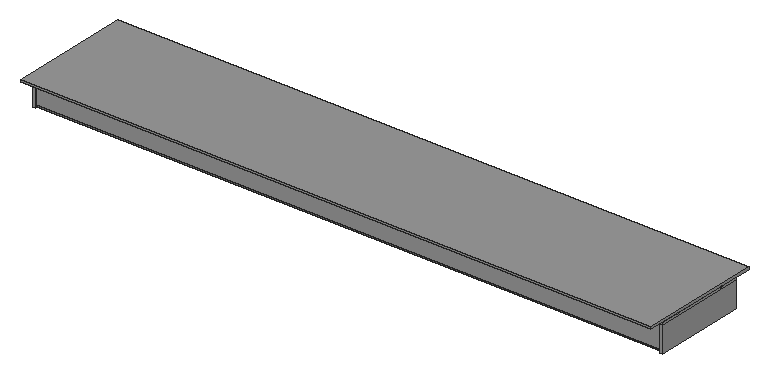
Revit family "Berica 2.2 M", category Lighting Fixtures, Revit 2020 (continued)
Definition of nested family "Light Source Berica 2.2"
  Types (4, lengths in mm): name | Photometric Web File | built-in parameter 1150142
       0.96 1.06 1.19 1.39 3.47 7.38 \r\n10.73 13.88 17.05 20.01 22.83 25.73 34.31 49.29 61.92 \r\n72.51 87.61 108.86 127.38 148.02 172.27 198.50 226.74 \r\n260.89 298.28 327.17 349.71 378.66 408.26 448.06 495.60 \r\n539.15 581.68 615.55 651.49 687.83 725.33 765.00 806.26 \r\n849.23 892.90 933.96 981.05 1024.16 1068.47 1113.29 \r\n1155.72 1200.02 1242.16 1284.20 1323.87 1360.80 1399.64 \r\n1433.64 1468.63 1500.66 1532.42 1560.14 1590.27 1615.50 \r\n1641.53 1664.67 1686.52 1706.02 1723.71 1737.48 1751.03 \r\n1761.75 1773.58 1782.96 1790.84 1796.12 \r\n1796.12 1791.11 1784.43 1776.39 1767.45 1757.47 1745.42 \r\n1733.25 1717.93 1703.57 1684.01 1664.91 1642.56 1620.92 \r\n1594.47 1568.82 1541.65 1513.27 1483.99 1452.56 1421.37 \r\n1385.68 1353.40 1316.64 1280.58 1237.99 1199.77 1158.50 \r\n1117.18 1075.66 1034.00 992.71 949.70 910.08 865.77 \r\n827.11 784.59 748.42 708.65 675.62 640.29 606.71 574.44 \r\n540.45 504.73 463.08 421.18 384.43 355.89 330.44 307.89 \r\n280.12 247.03 214.62 187.63 160.90 137.13 117.09 95.43 \r\n74.77 63.42 50.89 36.81 26.52 22.79 19.88 16.84 13.74 \r\n10.54 7.03 3.75 2.76 2.42 2.17 1.92 1.70 1.47 1.25 1.05 \r\n0.86 0.69 0.52 0.38 0.27 0.20 0.17 0.16 0.16 0.16 0.16 \r\n0.16 0.16 0.16 0.16 0.16 0.17 0.20 0.27 0.38 0.52 0.69 \r\n0.86 1.05 1.25 1.47 1.70 1.92 2.17 2.42 2.76 3.75 7.03 \r\n10.54 13.74 16.84 19.88 22.79 26.52 36.81 50.89 63.42 \r\n74.77 95.43 117.09 137.13 160.90 187.63 214.62 247.03 \r\n280.12 307.89 330.44 355.89 384.43 421.18 463.08 504.73 \r\n540.45 574.44 606.71 640.29 675.62 708.65 748.42 784.59 \r\n827.11 865.77 910.08 949.70 992.71 1034.00 1075.66 \r\n1117.18 1158.50 1199.77 1237.99 1280.58 1316.64 1353.40 \r\n1385.68 1421.37 1452.56 1483.99 1513.27 1541.65 1568.82 \r\n1594.47 1620.92 1642.56 1664.91 1684.01 1703.57 1717.93 \r\n1733.25 1745.42 1757.47 1767.45 1776.39 1784.43 1791.11 \r\n1796.12 \r\n1796.12 1792.12 1786.26 1780.08 1773.01 1764.19 1754.28 \r\n1743.55 1731.25 1718.25 1703.33 1687.66 1668.95 1651.52 \r\n1628.70 1606.32 1583.35 1558.66 1530.74 1506.11 1477.67 \r\n1449.41 1418.69 1386.36 1356.94 1318.71 1287.15 1247.90 \r\n1211.13 1170.68 1135.08 1096.70 1057.17 1015.75 975.25 \r\n935.81 894.37 855.07 818.94 778.75 743.65 706.55 670.67 \r\n638.03 603.45 570.93 540.30 509.61 481.18 447.14 412.01 \r\n376.43 341.46 315.34 291.41 268.75 243.25 212.94 184.04 \r\n157.03 130.85 110.32 89.80 70.47 58.67 47.01 34.43 27.14 \r\n23.60 20.41 16.84 13.43 9.93 7.02 6.05 5.26 4.61 3.92 \r\n3.30 2.68 2.18 1.64 1.20 0.82 0.56 0.34 0.24 0.20 0.20 \r\n0.20 0.20 0.20 0.20 0.20 0.24 0.34 0.56 0.82 1.20 1.64 \r\n2.18 2.68 3.30 3.92 4.61 5.26 6.05 7.02 9.93 13.43 16.84 \r\n20.41 23.60 27.14 34.43 47.01 58.67 70.47 89.80 110.32 \r\n130.85 157.03 184.04 212.94 243.25 268.75 291.41 315.34 \r\n341.46 376.43 412.01 447.14 481.18 509.61 540.30 570.93 \r\n603.45 638.03 670.67 706.55 743.65 778.75 818.94 855.07 \r\n894.37 935.81 975.25 1015.75 1057.17 1096.70 1135.08 \r\n1170.68 1211.13 1247.90 1287.15 1318.71 1356.94 1386.36 \r\n1418.69 1449.41 1477.67 1506.11 1530.74 1558.66 1583.35 \r\n1606.32 1628.70 1651.52 1668.95 1687.66 1703.33 1718.25 \r\n1731.25 1743.55 1754.28 1764.19 1773.01 1780.08 1786.26 \r\n1792.12 1796.12 \r\n1796.12 1792.60 1787.85 1782.90 1777.04 1769.85 1761.80 \r\n1752.84 1742.47 1731.26 1719.81 1706.91 1692.53 1677.48 \r\n1657.68 1640.57 1620.98 1602.15 1578.21 1554.83 1529.79 \r\n1504.73 1479.61 1453.22 1424.40 1395.65 1364.54 1332.04 \r\n1301.11 1266.74 1233.21 1198.18 1162.46 1125.54 1086.02 \r\n1050.30 1013.03 972.37 934.49 895.49 857.36 819.81 780.92 \r\n742.00 706.25 671.28 636.42 603.80 571.14 541.82 509.91 \r\n482.34 453.65 426.38 398.93 369.98 339.94 308.16 277.33 \r\n254.66 233.69 211.07 185.80 160.99 136.88 113.79 94.62 \r\n75.64 62.08 50.99 39.80 32.83 28.31 24.48 20.49 16.80 \r\n13.79 11.80 10.01 8.50 6.83 5.46 4.03 2.91 1.85 1.06 0.54 \r\n0.34 0.25 0.24 0.24 0.24 0.25 0.34 0.54 1.06 1.85 2.91 \r\n4.03 5.46 6.83 8.50 10.01 11.80 13.79 16.80 20.49 24.48 \r\n28.31 32.83 39.80 50.99 62.08 75.64 94.62 113.79 136.88 \r\n160.99 185.80 211.07 233.69 254.66 277.33 308.16 339.94 \r\n369.98 398.93 426.38 453.65 482.34 509.91 541.82 571.14 \r\n603.80 636.42 671.28 706.25 742.00 780.92 819.81 857.36 \r\n895.49 934.49 972.37 1013.03 1050.30 1086.02 1125.54 \r\n1162.46 1198.18 1233.21 1266.74 1301.11 1332.04 1364.54 \r\n1395.65 1424.40 1453.22 1479.61 1504.73 1529.79 1554.83 \r\n1578.21 1602.15 1620.98 1640.57 1657.68 1677.48 1692.53 \r\n1706.91 1719.81 1731.26 1742.47 1752.84 1761.80 1769.85 \r\n1777.04 1782.90 1787.85 1792.60 1796.12 \r\n1796.12 1793.99 1790.95 1786.70 1781.24 1776.98 1770.43 \r\n1762.79 1754.15 1744.02 1734.19 1722.99 1712.14 1700.83 \r\n1685.16 1671.61 1656.07 1638.55 1620.00 1600.56 1579.52 \r\n1559.53 1536.71 1512.72 1489.77 1462.59 1438.81 1409.46 \r\n1381.50 1351.04 1323.28 1290.42 1260.93 1225.64 1194.21 \r\n1158.91 1122.78 1088.75 1050.80 1012.58 976.01 937.35 \r\n897.19 858.77 818.71 781.59 741.37 707.39 673.77 636.62 \r\n603.53 569.46 538.60 506.25 475.75 445.75 419.62 393.45 \r\n365.69 341.90 317.95 294.55 269.00 245.72 220.51 197.73 \r\n179.07 160.94 141.58 121.72 101.70 84.99 69.10 57.10 \r\n48.08 40.31 34.88 30.05 25.38 21.53 17.99 14.72 11.86 \r\n8.95 6.28 3.82 1.95 0.81 0.40 0.29 0.29 0.29 0.40 0.81 \r\n1.95 3.82 6.28 8.95 11.86 14.72 17.99 21.53 25.38 30.05 \r\n34.88 40.31 48.08 57.10 69.10 84.99 101.70 121.72 141.58 \r\n160.94 179.07 197.73 220.51 245.72 269.00 294.55 317.95 \r\n341.90 365.69 393.45 419.62 445.75 475.75 506.25 538.60 \r\n569.46 603.53 636.62 673.77 707.39 741.37 781.59 818.71 \r\n858.77 897.19 937.35 976.01 1012.58 1050.80 1088.75 \r\n1122.78 1158.91 1194.21 1225.64 1260.93 1290.42 1323.28 \r\n1351.04 1381.50 1409.46 1438.81 1462.59 1489.77 1512.72 \r\n1536.71 1559.53 1579.52 1600.56 1620.00 1638.55 1656.07 \r\n1671.61 1685.16 1700.83 1712.14 1722.99 1734.19 1744.02 \r\n1754.15 1762.79 1770.43 1776.98 1781.24 1786.70 1790.95 \r\n1793.99 1796.12 \r\n1796.12 1794.36 1792.21 1789.10 1784.98 1780.82 1775.30 \r\n1770.38 1763.77 1756.30 1747.99 1738.08 1728.27 1718.19 \r\n1706.00 1693.58 1680.07 1666.34 1650.67 1635.15 1618.13 \r\n1599.47 1582.60 1562.56 1542.48 1520.95 1497.82 1474.72 \r\n1450.99 1425.79 1399.67 1372.14 1343.30 1315.76 1283.63 \r\n1253.17 1218.68 1186.98 1150.37 1116.18 1082.57 1041.94 \r\n1006.29 966.44 928.16 890.03 848.22 811.72 772.53 733.46 \r\n696.66 658.19 623.55 587.81 551.59 521.17 489.94 458.05 \r\n427.92 399.66 372.86 347.24 321.07 299.58 275.82 254.64 \r\n234.48 214.87 196.93 178.85 161.71 145.00 130.46 114.74 \r\n102.21 88.64 76.82 64.97 56.06 48.01 41.15 35.07 28.96 \r\n23.16 17.94 12.79 8.06 4.24 1.96 0.80 0.54 0.80 1.96 4.24 \r\n8.06 12.79 17.94 23.16 28.96 35.07 41.15 48.01 56.06 \r\n64.97 76.82 88.64 102.21 114.74 130.46 145.00 161.71 \r\n178.85 196.93 214.87 234.48 254.64 275.82 299.58 321.07 \r\n347.24 372.86 399.66 427.92 458.05 489.94 521.17 551.59 \r\n587.81 623.55 658.19 696.66 733.46 772.53 811.72 848.22 \r\n890.03 928.16 966.44 1006.29 1041.94 1082.57 1116.18 \r\n1150.37 1186.98 1218.68 1253.17 1283.63 1315.76 1343.30 \r\n1372.14 1399.67 1425.79 1450.99 1474.72 1497.82 1520.95 \r\n1542.48 1562.56 1582.60 1599.47 1618.13 1635.15 1650.67 \r\n1666.34 1680.07 1693.58 1706.00 1718.19 1728.27 1738.08 \r\n1747.99 1756.30 1763.77 1770.38 1775.30 1780.82 1784.98 \r\n1789.10 1792.21 1794.36 1796.12 \r\n1796.12 1794.86 1793.29 1790.52 1788.60 1785.60 1780.89 \r\n1776.72 1771.55 1765.90 1759.08 1751.24 1743.20 1734.33 \r\n1724.22 1713.45 1701.59 1689.16 1675.93 1660.99 1645.91 \r\n1629.54 1612.96 1595.57 1578.95 1559.52 1538.56 1518.62 \r\n1497.76 1474.40 1451.86 1428.82 1403.36 1377.53 1350.27 \r\n1321.13 1293.54 1262.09 1230.40 1195.31 1163.50 1128.77 \r\n1091.71 1054.83 1015.43 976.60 938.38 897.52 858.68 \r\n818.03 778.90 739.82 699.61 662.08 623.28 587.16 549.45 \r\n515.88 484.19 451.48 422.12 393.41 364.32 339.38 312.68 \r\n289.42 265.98 246.11 226.22 206.42 188.78 171.23 156.66 \r\n141.12 128.98 116.28 104.07 93.13 82.34 72.98 62.98 54.43 \r\n45.99 37.71 30.09 22.57 16.43 9.93 5.54 2.29 1.69 2.29 \r\n5.54 9.93 16.43 22.57 30.09 37.71 45.99 54.43 62.98 72.98 \r\n82.34 93.13 104.07 116.28 128.98 141.12 156.66 171.23 \r\n188.78 206.42 226.22 246.11 265.98 289.42 312.68 339.38 \r\n364.32 393.41 422.12 451.48 484.19 515.88 549.45 587.16 \r\n623.28 662.08 699.61 739.82 778.90 818.03 858.68 897.52 \r\n938.38 976.60 1015.43 1054.83 1091.71 1128.77 1163.50 \r\n1195.31 1230.40 1262.09 1293.54 1321.13 1350.27 1377.53 \r\n1403.36 1428.82 1451.86 1474.40 1497.76 1518.62 1538.56 \r\n1559.52 1578.95 1595.57 1612.96 1629.54 1645.91 1660.99 \r\n1675.93 1689.16 1701.59 1713.45 1724.22 1734.33 1743.20 \r\n1751.24 1759.08 1765.90 1771.55 1776.72 1780.89 1785.60 \r\n1788.60 1790.52 1793.29 1794.86 1796.12 \r\n1796.12 1796.33 1795.80 1794.31 1792.30 1789.58 1786.82 \r\n1783.96 1778.95 1773.09 1767.33 1761.68 1753.82 1746.64 \r\n1736.51 1727.02 1716.51 1704.58 1691.36 1678.24 1664.64 \r\n1649.82 1634.03 1617.30 1601.08 1582.78 1564.94 1544.82 \r\n1524.63 1502.56 1481.29 1457.39 1433.44 1410.79 1384.47 \r\n1357.48 1326.61 1297.17 1267.16 1236.66 1201.68 1167.61 \r\n1132.39 1093.14 1057.15 1017.59 979.44 940.32 899.69 \r\n860.46 818.90 779.36 740.21 698.11 663.50 624.59 587.13 \r\n550.81 517.19 486.02 454.03 423.05 395.85 368.86 340.85 \r\n316.50 292.55 271.53 249.87 230.01 210.17 193.40 177.50 \r\n161.31 146.84 133.87 120.78 108.97 96.70 85.91 75.46 \r\n65.48 55.78 46.56 37.64 29.00 20.85 14.13 8.47 4.56 3.25 \r\n4.56 8.47 14.13 20.85 29.00 37.64 46.56 55.78 65.48 75.46 \r\n85.91 96.70 108.97 120.78 133.87 146.84 161.31 177.50 \r\n193.40 210.17 230.01 249.87 271.53 292.55 316.50 340.85 \r\n368.86 395.85 423.05 454.03 486.02 517.19 550.81 587.13 \r\n624.59 663.50 698.11 740.21 779.36 818.90 860.46 899.69 \r\n940.32 979.44 1017.59 1057.15 1093.14 1132.39 1167.61 \r\n1201.68 1236.66 1267.16 1297.17 1326.61 1357.48 1384.47 \r\n1410.79 1433.44 1457.39 1481.29 1502.56 1524.63 1544.82 \r\n1564.94 1582.78 1601.08 1617.30 1634.03 1649.82 1664.64 \r\n1678.24 1691.36 1704.58 1716.51 1727.02 1736.51 1746.64 \r\n1753.82 1761.68 1767.33 1773.09 1778.95 1783.96 1786.82 \r\n1789.58 1792.30 1794.31 1795.80 1796.33 1796.12 \r\n1796.12 1796.17 1796.34 1794.67 1793.18 1791.29 1788.07 \r\n1784.45 1779.97 1774.96 1769.21 1763.34 1755.52 1747.68 \r\n1738.83 1728.06 1717.09 1706.43 1693.53 1679.57 1664.01 \r\n1648.55 1633.34 1615.19 1599.48 1579.93 1561.26 1540.47 \r\n1519.16 1495.50 1474.13 1451.24 1426.25 1401.33 1373.38 \r\n1345.20 1315.68 1284.27 1252.84 1221.20 1186.26 1151.78 \r\n1113.10 1078.90 1039.27 1001.73 960.69 922.42 883.81 \r\n843.19 805.04 766.34 728.36 690.82 650.93 615.72 581.63 \r\n546.90 515.71 483.93 454.38 424.05 398.34 372.41 346.56 \r\n324.49 301.19 279.50 259.16 239.58 222.68 204.19 189.13 \r\n173.81 159.48 146.57 134.07 121.91 110.15 98.91 89.27 \r\n78.69 68.58 59.13 49.57 41.40 32.15 25.05 18.87 14.32 \r\n13.46 14.32 18.87 25.05 32.15 41.40 49.57 59.13 68.58 \r\n78.69 89.27 98.91 110.15 121.91 134.07 146.57 159.48 \r\n173.81 189.13 204.19 222.68 239.58 259.16 279.50 301.19 \r\n324.49 346.56 372.41 398.34 424.05 454.38 483.93 515.71 \r\n546.90 581.63 615.72 650.93 690.82 728.36 766.34 805.04 \r\n843.19 883.81 922.42 960.69 1001.73 1039.27 1078.90 \r\n1113.10 1151.78 1186.26 1221.20 1252.84 1284.27 1315.68 \r\n1345.20 1373.38 1401.33 1426.25 1451.24 1474.13 1495.50 \r\n1519.16 1540.47 1561.26 1579.93 1599.48 1615.19 1633.34 \r\n1648.55 1664.01 1679.57 1693.53 1706.43 1717.09 1728.06 \r\n1738.83 1747.68 1755.52 1763.34 1769.21 1774.96 1779.97 \r\n1784.45 1788.07 1791.29 1793.18 1794.67 1796.34 1796.17 \r\n1796.12 \r\n1796.12 1797.24 1797.34 1795.96 1794.68 1792.33 1789.74 \r\n1785.46 1780.60 1774.92 1770.06 1763.13 1754.45 1745.65 \r\n1736.26 1724.67 1713.00 1700.77 1687.24 1672.53 1657.55 \r\n1640.55 1622.92 1603.77 1585.11 1565.08 1543.53 1519.46 \r\n1496.22 1471.48 1446.51 1419.60 1391.15 1362.67 1331.00 \r\n1298.58 1265.50 1232.22 1198.99 1162.94 1128.70 1089.75 \r\n1050.30 1014.76 974.75 937.11 897.86 862.08 822.82 787.56 \r\n749.74 712.93 675.56 643.14 609.87 576.76 545.04 515.51 \r\n487.81 458.22 433.00 407.03 382.41 359.55 337.71 317.66 \r\n296.69 277.89 259.82 242.60 227.36 211.19 197.11 183.36 \r\n170.82 159.47 147.11 136.06 125.40 114.44 104.39 93.54 \r\n83.96 74.36 65.71 56.45 47.87 40.33 34.63 30.14 29.10 \r\n30.14 34.63 40.33 47.87 56.45 65.71 74.36 83.96 93.54 \r\n104.39 114.44 125.40 136.06 147.11 159.47 170.82 183.36 \r\n197.11 211.19 227.36 242.60 259.82 277.89 296.69 317.66 \r\n337.71 359.55 382.41 407.03 433.00 458.22 487.81 515.51 \r\n545.04 576.76 609.87 643.14 675.56 712.93 749.74 787.56 \r\n822.82 862.08 897.86 937.11 974.75 1014.76 1050.30 \r\n1089.75 1128.70 1162.94 1198.99 1232.22 1265.50 1298.58 \r\n1331.00 1362.67 1391.15 1419.60 1446.51 1471.48 1496.22 \r\n1519.46 1543.53 1565.08 1585.11 1603.77 1622.92 1640.55 \r\n1657.55 1672.53 1687.24 1700.77 1713.00 1724.67 1736.26 \r\n1745.65 1754.45 1763.13 1770.06 1774.92 1780.60 1785.46 \r\n1789.74 1792.33 1794.68 1795.96 1797.34 1797.24 1796.12 \r\n1796.12 1797.86 1798.09 1797.13 1795.43 1793.51 1790.08 \r\n1786.04 1780.39 1774.52 1767.65 1760.40 1751.70 1742.87 \r\n1730.87 1719.07 1705.85 1690.06 1674.81 1656.83 1639.82 \r\n1619.79 1598.88 1577.30 1553.95 1530.06 1504.08 1478.59 \r\n1449.23 1420.38 1391.88 1362.72 1329.45 1295.35 1263.17 \r\n1226.31 1191.33 1154.07 1117.91 1083.73 1041.90 1005.11 \r\n965.95 927.27 891.72 853.35 818.76 781.30 745.46 712.33 \r\n680.15 647.00 616.47 586.71 558.14 530.99 503.89 477.80 \r\n454.53 431.33 408.23 386.41 365.67 347.08 326.66 311.11 \r\n293.10 277.22 261.46 246.67 233.01 219.15 206.39 194.47 \r\n182.36 170.71 159.73 148.59 138.90 128.36 117.96 107.98 \r\n98.58 89.28 80.39 72.01 64.31 57.49 52.32 49.02 48.33 \r\n49.02 52.32 57.49 64.31 72.01 80.39 89.28 98.58 107.98 \r\n117.96 128.36 138.90 148.59 159.73 170.71 182.36 194.47 \r\n206.39 219.15 233.01 246.67 261.46 277.22 293.10 311.11 \r\n326.66 347.08 365.67 386.41 408.23 431.33 454.53 477.80 \r\n503.89 530.99 558.14 586.71 616.47 647.00 680.15 712.33 \r\n745.46 781.30 818.76 853.35 891.72 927.27 965.95 1005.11 \r\n1041.90 1083.73 1117.91 1154.07 1191.33 1226.31 1263.17 \r\n1295.35 1329.45 1362.72 1391.88 1420.38 1449.23 1478.59 \r\n1504.08 1530.06 1553.95 1577.30 1598.88 1619.79 1639.82 \r\n1656.83 1674.81 1690.06 1705.85 1719.07 1730.87 1742.87 \r\n1751.70 1760.40 1767.65 1774.52 1780.39 1786.04 1790.08 \r\n1793.51 1795.43 1797.13 1798.09 1797.86 1796.12 \r\n1796.12 1797.93 1797.86 1796.23 1794.95 1791.96 1788.10 \r\n1782.79 1777.15 1770.16 1763.72 1754.77 1744.75 1733.45 \r\n1719.02 1704.13 1687.84 1669.18 1650.43 1629.66 1607.20 \r\n1583.93 1560.15 1533.20 1506.98 1477.46 1448.19 1418.56 \r\n1384.89 1353.94 1320.82 1284.88 1249.20 1213.10 1173.74 \r\n1137.39 1099.98 1062.19 1021.14 982.39 945.16 910.18 \r\n871.25 837.49 802.00 767.11 736.07 701.71 674.06 642.82 \r\n616.51 589.06 563.47 538.42 514.60 492.09 470.00 450.85 \r\n428.72 411.11 391.18 374.35 356.26 340.05 323.12 309.47 \r\n293.87 280.35 266.31 253.05 240.23 226.92 215.21 203.63 \r\n191.56 180.08 169.98 159.01 149.45 139.06 130.27 120.96 \r\n112.47 103.95 95.60 87.93 80.62 75.47 70.71 68.31 67.17 \r\n68.31 70.71 75.47 80.62 87.93 95.60 103.95 112.47 120.96 \r\n130.27 139.06 149.45 159.01 169.98 180.08 191.56 203.63 \r\n215.21 226.92 240.23 253.05 266.31 280.35 293.87 309.47 \r\n323.12 340.05 356.26 374.35 391.18 411.11 428.72 450.85 \r\n470.00 492.09 514.60 538.42 563.47 589.06 616.51 642.82 \r\n674.06 701.71 736.07 767.11 802.00 837.49 871.25 910.18 \r\n945.16 982.39 1021.14 1062.19 1099.98 1137.39 1173.74 \r\n1213.10 1249.20 1284.88 1320.82 1353.94 1384.89 1418.56 \r\n1448.19 1477.46 1506.98 1533.20 1560.15 1583.93 1607.20 \r\n1629.66 1650.43 1669.18 1687.84 1704.13 1719.02 1733.45 \r\n1744.75 1754.77 1763.72 1770.16 1777.15 1782.79 1788.10 \r\n1791.96 1794.95 1796.23 1797.86 1797.93 1796.12 \r\n1796.12 1798.62 1798.85 1797.24 1795.25 1791.72 1787.34 \r\n1781.46 1774.83 1768.13 1757.90 1747.44 1734.06 1720.60 \r\n1704.07 1685.63 1665.38 1642.78 1619.69 1595.38 1570.18 \r\n1540.69 1513.12 1481.39 1450.01 1416.02 1383.55 1348.69 \r\n1312.03 1273.90 1236.95 1201.54 1157.97 1122.20 1078.86 \r\n1042.71 1001.72 962.84 927.53 889.13 854.41 821.66 786.09 \r\n754.75 725.88 695.36 667.55 641.47 615.57 591.62 568.11 \r\n546.36 524.90 504.17 485.06 467.33 448.95 433.00 415.10 \r\n398.96 383.39 368.58 353.88 338.51 324.82 311.40 297.87 \r\n284.65 270.96 259.39 246.21 234.51 222.94 211.11 200.35 \r\n189.88 179.30 170.00 160.64 151.64 1
